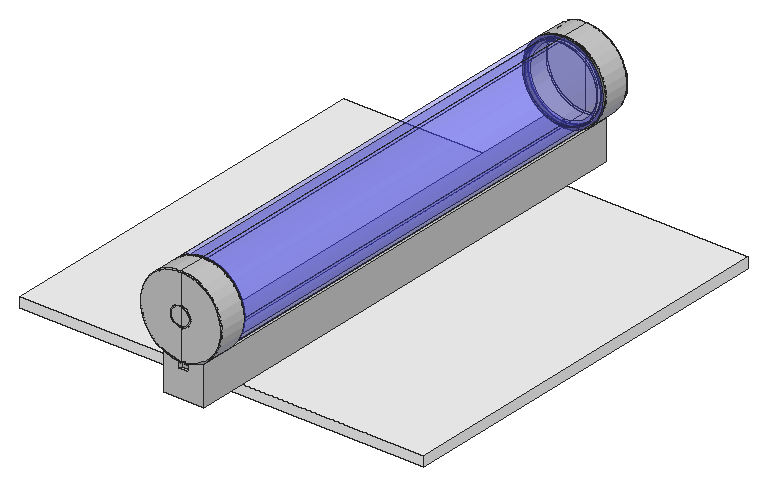
Revit family "BE_24590_de_DE", category Leuchten, Revit 2020
Family settings
  Basisbauteil = Fläche
  Bemaßung runder Anschluss = Durchmesser verwenden
  Teiletyp = Normal
  Beim Laden mit Abzugskörper schneiden = Ja
  Lichtquelle = Ja
  Gemeinsam genutzt = Nein
  Raumberechnungspunkt = Ja
Parameters (values of type "BEGA_24590_Silber_K4")
  built-in parameter 1150104 = 14.056 (stored number, unit not read)
  Wattage = 15.6 W
  Default Elevation = 0 mm
  built-in parameter 1150113 = 1 (stored number, unit not read)
  built-in parameter 1114218 = 1 (stored number, unit not read)
  Umgebungstemperatur = "25 °C"
  URL = "https://www.bega.com/de/produkt/24590"
  Typenkommentare = "© 2022 BEGA. Wir behalten uns das Recht vor, technische Änderungen ohne vorherige Ankündigung vorzunehmen."  # constant formula
  Type Image = 24590.png
  built-in parameter 1150134 = 12
  built-in parameter 1150109 = 1 (stored number, unit not read)
  Strom = ""
  built-in parameter 1150110 = 1 (stored number, unit not read)
  Spannung = 239.996 V
  Sonderanfertigung = no
  Seriennummer [instance] = "Hier können Sie die eindeutige Seriennummer für das Facility Management eintragen."
  Schutzklasse = "I"
  Schutzart = "IP 65"
  Scheinlast = 0 VA
  Produktdatenblatt = "https://cdn.bega.com/bega/products/24590AK4/current/documents/data-sheets/de"
  Oberflächentemperatur = ""
  Neigungswinkel = 0.00°
  Modell = "24590AK4"
  Material_18 = BEGA_Gummi_schwarz
  Material_17 = BEGA_Reflektor
  Material_15 = BEGA_Leuchtmedium_matt
  Material_11 = BEGA_Glas_opal
  Material_09 = BEGA_Glas_klar
  Material_06 = BEGA_Oberfläche_Edelstahl_gebürstet
  Material_03 = BEGA_Oberfläche_Weiss_matt
  Material_02 = BEGA_Oberfläche_Silber_matt
  Material_01 [instance] = BEGA_Oberfläche_Grafit_matt
  M_W = no
  M_G = no
  M_A = yes
  Logo = 0
  built-in parameter 1114217 = 1 (stored number, unit not read)
  built-in parameter 1150139 = (empty or 0)
  built-in parameter 1150105 = 187.83 (stored number, unit not read)
  built-in parameter 1150114 = 1 (stored number, unit not read)
  Lumens = 2360.28 lm
  built-in parameter 1150115 = 1 (stored number, unit not read)
  Leuchtenlichtstrom = "1739 lm"
  Leuchtenanzahl = ""
  Lebensdauerkriterien = "L70B50 @ 25 °C = 145000 h"
  Lastklassifizierung = Beleuchtung
  built-in parameter 1150112 = 1 (stored number, unit not read)
  Lampenlichtstrom = "2980 lm"
  Lampe = "LED 15.2 W"
  LED_Modulbezeichnung = "4x LED-0626/840"
  built-in parameter 1150142 = (empty or 0)
  Hersteller = "BEGA"  # constant formula
  Halbstreuwinkel = ""
  Gewicht = "2.4 kg"
  Gebrauchslageneinschränkung [instance] = ""
  Frequenz = "0/50-60 Hz"
  Farbwiedergabeindex = "CRI > 80"
  Farbtemperaturverschiebung bei Dämpfen der Lampe = <Keine Auswahl>
  Farbtemperatur = "4000 K"
  Color Filter = 16777215
  built-in parameter 1150133 = 10 (stored number, unit not read)
  Energieeffizienzklasse = "LED A++ - A"
  built-in parameter 1150137 = (empty or 0)
  built-in parameter 1150132 = (empty or 0)
  ENEC = "ja"
  Dimmbar [instance] = "DALI"
  Datei für fotometrisches Netz = "BE_24590K4.IES"
  CE_Konformität = "ja"
  Bestellnummer = "24590AK4"
  Beschreibung_Sonderanfertigung = "Hier können Sie Informationen zur Sonderanfertigung eintragen."
  Beschreibung = "Wandleuchte"
  built-in parameter 1150106 = 1.8783 (stored number, unit not read)
  Befestigungsbohrung = "Ø 6 mm"
  Befestigungsabstand = "230 mm"
  Ballwurfsicher = ""
  BEGA_Intern_aus = yes
  BEGA_Intern_an = yes
  BEGA_Intern_Konstruktion = yes
  BEGA_Intern = yes
  BEGA_IES = yes
  BEGA_Dummy = no
  Anschlussleitung = ""
  Anschlussleistung [instance] = "18.6 W"
  Anschlusskasten = ""
  built-in parameter 1150107 = 4000 (stored number, unit not read)
  built-in parameter 1150102 = (empty or 0)
  built-in parameter 1150138 = (empty or 0)
  Aktualisierung = "2022-05-18T04:00:07"
  Abstand_zur_angestrahlten_Fläche [instance] = ""
  AC/DC = "AC/DC"
Types (4, lengths in mm): name | built-in parameter 1150134 | Modell | M_G | M_A | Leuchtenlichtstrom | Lampenlichtstrom | LED_Modulbezeichnung | Farbtemperatur | Datei für fotometrisches Netz | Bestellnummer | built-in parameter 1150107
  BEGA_24590_Grafit_K4 | 12 | "24590K4" | yes | no | "1739 lm" | "2980 lm" | "4x LED-0626/840" | "4000 K" | "BE_24590K4.IES" | "24590K4" | 4000 (stored number, unit not read)
  BEGA_24590_Grafit_K3 | (empty or 0) | "24590K3" | yes | no | "1716 lm" | "2940 lm" | "4x LED-0626/830" | "3000 K" | "BE_24590K3.IES" | "24590K3" | 3000 (stored number, unit not read)
  BEGA_24590_Silber_K4 | 12 | "24590AK4" | no | yes | "1739 lm" | "2980 lm" | "4x LED-0626/840" | "4000 K" | "BE_24590K4.IES" | "24590AK4" | 4000 (stored number, unit not read)
  BEGA_24590_Silber_K3 | (empty or 0) | "24590AK3" | no | yes | "1716 lm" | "2940 lm" | "4x LED-0626/830" | "3000 K" | "BE_24590K3.IES" | "24590AK3" | 3000 (stored number, unit not read)
Reference planes
  plane 1 "Mitte (Vorne/Hinten)": y = 0
  plane 2: z = 0
  plane 3 "Mitte (Links/Rechts)": x = 0
  plane 4 "Links": x = -40.25
  plane 5 "Rechts": x = 40.25
  plane 6 "Unten": y = -251
  plane 7 "Oben": y = 251
  plane 8 "Vorne": z = 115.513
  plane 9 "Hinten": z = 0
Forms (mm)
  Extrusion 1, solid, material "BEGA_Platte_Weiss"
    sketch origin (0, -1119.2, 0) x (1, 0, 0) y (0, 1, 0)
      loop
        line (-200, 1319.2) -> (-200, 919.2) -> (200, 919.2) -> (200, 1319.2) -> (-200, 1319.2)
    from 0 to -10
  Extrusion 2, solid, material "BEGA_Dummy_matt", visible <- "BEGA_Dummy"
    sketch origin (80.095, -76.023, 0) x (1, 0, 0) y (0, 1, 0)
      loop
        line (-120.345, 327.023) -> (-120.345, -174.977) -> (-39.845, -174.977) -> (-39.845, 327.023) -> (-120.345, 327.023)
    from 0 to 115.513
Dimensions and locks
  plane 1 "Mitte (Vorne/Hinten)" to Extrusion 1 = 200 mm
  aligned and locked: plane 2 to Extrusion 1
  aligned and locked: level to Extrusion 1
Nested families
  nested 1: "BE_24590" at (0, 0, 0) x (0, 1, 0) z (0, 0, 1), type "BE_24590"
Connectors
  electrical at (0, 0, 0), driven by "Lastklassifizierung", driven by "Spannung", driven by "Scheinlast"
    settings: index 1, voltage 239.996 V, apparent load 0 VA, apparent load phase1 0 VA, apparent load phase2 0 VA, apparent load phase3 0 VA, power factor 1, load classification "Beleuchtung", number of poles 1, system type 31, power factor state 1, is connector primary yes, connector utility no, sub classification motor no, connector description ""
Definition of nested family "BE_24590"
  Parameters (values of type "BE_24590")
    Default Elevation = 1 mm
    URL = "http://www.bega.de/de/produkt"
    Type Comments = "© 2015 BEGA. Wir behalten uns das Recht vor, technische Änderungen ohne vorherige Ankündigung vorzunehmen. "  # constant formula
    Type Image = (empty or 0)
    Neigungswinkel_um_Z2 = 0.00°
    Neigungswinkel_um_Z1 = 0.00°
    Neigungswinkel_um_Y2 = 0.00°
    Neigungswinkel_um_Y1 = 0.00°
    Neigungswinkel_um_X2 = 0.00°
    Neigungswinkel_um_X1 = 0.00°
    Material_18 = none
    Material_17 = none
    Material_15 = none
    Material_11 = none
    Material_09 = none
    Material_06 = none
    Material_05 = none
    Material_02 = none
    Material_01 = none
    M_W = yes
    M_G = yes
    M_A = yes
    Länge_Platte = 600 mm  # constant formula
    Höhe_Platte = -10 mm  # constant formula
    Manufacturer = "BEGA"  # constant formula
    Drehwinkel_um_Z2 = 0.00°
    Drehwinkel_um_Z1 = 0.00°
    Breite_Platte = 200 mm  # constant formula
  Reference planes
    plane 1 "Mitte (Oben/Unten)": y = 0
    plane 2: z = 0
    plane 3 "Mitte (Links/Rechts)": x = 0
    plane 4: x = -251
    plane 5: x = 251
    plane 6: z = 115.513
    plane 7: y = 40.25
    plane 8: y = -40.25
  Forms (mm)
    Extrusion 1, solid, detail levels medium
      sketch origin (0, 0, 0) x (1, 0, 0) y (0, 1, 0)
        loop
          line (-300, 100) -> (-300, -100) -> (300, -100) -> (300, 100) -> (-300, 100)
      from 0 to -10 <- "Höhe_Platte"
    Extrusion 2, solid, material <- "Material_01", visible <- "M_G", detail levels medium+fine
      sketch origin (0, 0, 0) x (0, 1, 0) y (0, 0, 1)
        loop
          line (20, 37.539) -> (18.186, 39.353)
          arc (18.186, 39.353) -> (0, 35.01) -> (-18.186, 39.353) r 40.25
          line (-18.186, 39.353) -> (-20, 37.539) -> (-20, 0) -> (-17.5, 0) -> (-17.5, 32) -> (17.5, 32) -> (17.5, 0) -> (20, 0) -> (20, 37.539)
      from -247 to 249
    Extrusion 3, void
      sketch origin (0, 0, 0) x (0, 1, 0) y (0, 0, 1)
        loop
          line (5, 25.9) -> (5, 31.6) -> (3, 31.6) -> (3, 40.21) -> (-3, 40.21) -> (-3, 31.6) -> (-5, 31.6) -> (-5, 25.9) -> (5, 25.9)
      from -248.561 to -233.848
    Extrusion 4, solid, material <- "Material_01", visible <- "M_G", detail levels medium+fine
      sketch origin (0, 0, 0) x (0, 1, 0) y (0, 0, 1)
        loop
          line (17.5, 0) -> (17.5, 32) -> (-17.5, 32) -> (-17.5, 0) -> (17.5, 0)
      from -247 to -244
    Extrusion 5, solid, material <- "Material_01", visible <- "M_G", detail levels medium+fine
      sketch origin (0, 0, 0) x (0, 1, 0) y (0, 0, -1)
        loop
          line (17.5, 0) -> (-17.5, 0) -> (-17.5, -32) -> (17.5, -32) -> (17.5, 0)
      from -249 to -246
    Revolve 6, solid, material <- "Material_01", visible <- "M_G", detail levels medium+fine
      sketch origin (0, 0, 0) x (1, 0, 0) y (0, 0, 1)
        loop
          line (250.5, 115.51) -> (223.8, 115.51) -> (225.099, 113.26) -> (247.002, 113.26)
          arc (247.002, 113.26) -> (247.824, 113.084) -> (248.5, 112.586) r 2
          line (248.5, 112.586) -> (248.5, 75.26) -> (251, 75.26) -> (251, 115.01)
          arc (251, 115.01) -> (250.854, 115.364) -> (250.5, 115.51) r 0.5
        axis (223.8, 75.26) -> (251, 75.26)
      angle from 0 to 360
    Revolve 7, solid, material <- "Material_18", detail levels medium+fine
      sketch origin (0, 0, 0) x (1, 0, 0) y (0, 0, 1)
        loop
          line (223.829, 115.46) -> (221.985, 115.46) -> (221.985, 113.043) -> (225.225, 113.043) -> (223.829, 115.46)
        axis (221.985, 75.26) -> (225.225, 75.26)
      angle from 0 to 360
    Revolve 8, solid, material <- "Material_18", detail levels medium+fine
      sketch origin (-0.044, 0, 0) x (-1, 0, 0) y (0, 0, -1)
        loop
          line (223.829, -115.46) -> (225.225, -113.043) -> (221.985, -113.043) -> (221.985, -115.46) -> (223.829, -115.46)
        axis (221.985, -75.26) -> (225.225, -75.26)
      angle from 0 to 360
    Revolve 9, solid, material <- "Material_01", visible <- "M_G", detail levels medium+fine
      sketch origin (0, 0, 0) x (-1, 0, 0) y (0, 0, -1)
        loop
          arc (250.5, -115.51) -> (250.854, -115.364) -> (251, -115.01) r 0.5
          line (251, -115.01) -> (251, -75.26) -> (243, -75.26) -> (242.953, -112.593) -> (225.099, -112.593) -> (223.8, -115.51) -> (250.5, -115.51)
        axis (223.8, -75.26) -> (251, -75.26)
      angle from 0 to 360
    Extrusion 10, void
      sketch origin (0, 0, 0) x (1, 0, 0) y (0, 1, 0)
        loop
          arc (76, -3) -> (79, 0) -> (76, 3) r 3
          line (76, 3) -> (66.61, 3)
          arc (66.61, 3) -> (56.5, 0) -> (66.61, -3) r 5.5
          line (66.61, -3) -> (76, -3)
        loop
          arc (-154, -3) -> (-151, 0) -> (-154, 3) r 3
          line (-154, 3) -> (-163.39, 3)
          arc (-163.39, 3) -> (-173.5, 0) -> (-163.39, -3) r 5.5
          line (-163.39, -3) -> (-154, -3)
      from 0 to 6.51
    Extrusion 11, solid, material <- "Material_01", visible <- "M_G", detail levels medium+fine
      sketch origin (0, 0, 0) x (1, 0, 0) y (0, 0, 1)
        loop
          line (-179, 3) -> (-179, 0) -> (-145, 0) -> (-145, 3) -> (-179, 3)
        loop
          line (51, 3) -> (51, 0) -> (85, 0) -> (85, 3) -> (51, 3)
      from -17.994 to 18.5
    Revolve 12, solid, material <- "Material_06", detail levels fine
      sketch origin (0, 0, 0) x (1, 0, 0) y (0, 0, 1)
        loop
          line (-241.25, 42.072) -> (-241.25, 32.322) -> (-242.75, 32.322)
          arc (-242.75, 32.322) -> (-243.104, 32.176) -> (-243.25, 31.822) r 0.5
          line (-243.25, 31.822) -> (-243.25, 29.322)
          arc (-243.25, 29.322) -> (-243.104, 28.969) -> (-242.75, 28.822) r 0.5
          line (-242.75, 28.822) -> (-239, 28.822) -> (-239, 42.072) -> (-241.25, 42.072)
        axis (-239, 28.822) -> (-239, 42.072)
      angle from 0 to 360
    Revolve 13, solid, material <- "Material_11", detail levels medium+fine
      sketch origin (0, 0, 0) x (1, 0, 0) y (0, 0, 1)
        loop
          line (221.985, 115.26) -> (-222.029, 115.26) -> (-222.029, 113.26)
          arc (-222.029, 113.26) -> (-222.498, 112.068) -> (-223.654, 111.515) r 1.75
          line (-223.654, 111.515) -> (-223.654, 108.512)
          arc (-223.654, 108.512) -> (-221.029, 109.387) -> (-219.337, 111.577) r 4.75
          arc (-219.337, 111.577) -> (-218.973, 112.071) -> (-218.389, 112.26) r 1
          line (-218.389, 112.26) -> (218.33, 112.26)
          arc (218.33, 112.26) -> (218.901, 112.081) -> (219.267, 111.608) r 1
          arc (219.267, 111.608) -> (220.957, 109.397) -> (223.596, 108.512) r 4.75
          line (223.596, 108.512) -> (223.596, 111.515)
          arc (223.596, 111.515) -> (222.517, 111.99) -> (221.985, 113.043) r 1.75
          line (221.985, 113.043) -> (221.985, 115.26)
        axis (-223.654, 75.26) -> (223.596, 75.26)
      angle from 0 to 360
    Revolve 14, void
      sketch origin (0, 0, 0) x (1, 0, 0) y (0, 0, 1)
        loop
          line (-251.998, 85.26) -> (-251.998, 75.26) -> (-248.25, 75.26) -> (-248.25, 85.26) -> (-251.998, 85.26)
        axis (-251.998, 75.26) -> (-248.25, 75.26)
      angle from 0 to 360
    Revolve 15, solid, material <- "Material_06", detail levels fine
      sketch origin (0, 0, 0) x (1, 0, 0) y (0, 0, 1)
        loop
          line (-250.25, 85.01) -> (-251.25, 84.01) -> (-251.25, 75.26) -> (-248.25, 75.26) -> (-248.25, 85.01) -> (-250.25, 85.01)
        axis (-248.25, 75.26) -> (-251.25, 75.26)
      angle from 0 to 360
    Extrusion 16, solid, material <- "Material_02", visible <- "M_A", detail levels medium+fine
      sketch origin (0, 0, 0) x (0, 1, 0) y (0, 0, 1)
        loop
          line (20, 37.539) -> (18.186, 39.353)
          arc (18.186, 39.353) -> (0, 35.01) -> (-18.186, 39.353) r 40.25
          line (-18.186, 39.353) -> (-20, 37.539) -> (-20, 0) -> (-17.5, 0) -> (-17.5, 32) -> (17.5, 32) -> (17.5, 0) -> (20, 0) -> (20, 37.539)
      from -247 to 249
    Extrusion 17, solid, material <- "Material_02", visible <- "M_A", detail levels medium+fine
      sketch origin (0, 0, 0) x (0, 1, 0) y (0, 0, 1)
        loop
          line (17.5, 0) -> (17.5, 32) -> (-17.5, 32) -> (-17.5, 0) -> (17.5, 0)
      from -247 to -244
    Extrusion 18, solid, material <- "Material_02", visible <- "M_A", detail levels medium+fine
      sketch origin (0, 0, 0) x (0, 1, 0) y (0, 0, -1)
        loop
          line (17.5, 0) -> (-17.5, 0) -> (-17.5, -32) -> (17.5, -32) -> (17.5, 0)
      from -249 to -246
    Revolve 19, solid, material <- "Material_02", visible <- "M_A", detail levels medium+fine
      sketch origin (0, 0, 0) x (1, 0, 0) y (0, 0, 1)
        loop
          line (250.5, 115.51) -> (223.8, 115.51) -> (225.099, 113.26) -> (247.002, 113.26)
          arc (247.002, 113.26) -> (247.824, 113.084) -> (248.5, 112.586) r 2
          line (248.5, 112.586) -> (248.5, 75.26) -> (251, 75.26) -> (251, 115.01)
          arc (251, 115.01) -> (250.854, 115.364) -> (250.5, 115.51) r 0.5
        axis (223.8, 75.26) -> (251, 75.26)
      angle from 0 to 360
    Revolve 20, solid, material <- "Material_02", visible <- "M_A", detail levels medium+fine
      sketch origin (0, 0, 0) x (-1, 0, 0) y (0, 0, -1)
        loop
          arc (250.5, -115.51) -> (250.854, -115.364) -> (251, -115.01) r 0.5
          line (251, -115.01) -> (251, -75.26) -> (243, -75.26) -> (242.953, -112.593) -> (225.099, -112.593) -> (223.8, -115.51) -> (250.5, -115.51)
        axis (223.8, -75.26) -> (251, -75.26)
      angle from 0 to 360
    Extrusion 21, solid, material <- "Material_02", visible <- "M_A", detail levels medium+fine
      sketch origin (0, 0, 0) x (1, 0, 0) y (0, 0, 1)
        loop
          line (-179, 3) -> (-179, 0) -> (-145, 0) -> (-145, 3) -> (-179, 3)
        loop
          line (51, 3) -> (51, 0) -> (85, 0) -> (85, 3) -> (51, 3)
      from -17.994 to 18.5
  Cuts and joins
    Extrusion 3, Extrusion 10 cuts Extrusion 2
    Extrusion 3, Extrusion 10 cuts Extrusion 4
    Extrusion 10 cuts Extrusion 5
    Extrusion 10 cuts Extrusion 11
    joined: Extrusion 2, Extrusion 4, Extrusion 5, Extrusion 11
    Revolve 14 cuts Revolve 9
    Revolve 14 cuts Revolve 20
    Extrusion 3 cuts Extrusion 16
    Extrusion 3 cuts Extrusion 17
    Extrusion 3 cuts Extrusion 18
    Extrusion 3, Extrusion 10 cuts Extrusion 21
    joined: Extrusion 16, Extrusion 17, Extrusion 18, Extrusion 21
  Dimensions and locks
    equal spacing: Extrusion 1 sketch curve, plane 3 "Mitte (Links/Rechts)", Extrusion 1 sketch curve
    equal spacing: Extrusion 1 sketch curve, plane 1 "Mitte (Oben/Unten)", Extrusion 1 sketch curve
    "Länge_Platte": Extrusion 1 sketch curve to Extrusion 1 sketch curve
    "Breite_Platte": Extrusion 1 sketch curve to Extrusion 1 sketch curve
    level to Extrusion 4 = 32 mm
    aligned and locked: Extrusion 1 to plane 2
    aligned and locked: level to Extrusion 1
  Automatic sketch dimensions
    Extrusion 2 sketch curve to level = 0 mm  (x2)
    Extrusion 2 sketch curve to plane 1 "Mitte (Oben/Unten)" = 0 mm
    plane 1 "Mitte (Oben/Unten)" to Extrusion 2 sketch curve = 17.5 mm
    Extrusion 2 sketch curve to Extrusion 2 sketch curve = 0.686 mm  (x2)
    Extrusion 2 sketch curve to Extrusion 2 sketch curve = 1.814 mm  (x2)
    Extrusion 2 sketch curve to plane 1 "Mitte (Oben/Unten)" = 17.5 mm
    Extrusion 2 sketch curve to Extrusion 2 sketch curve = 2.5 mm
    Extrusion 2 sketch curve to Extrusion 2 sketch curve = 32 mm
    Extrusion 2 sketch curve to Extrusion 2 sketch curve = 5.539 mm  (x2)
    Extrusion 2 sketch curve to Extrusion 2 sketch curve = 35.907 mm
    plane 1 "Mitte (Oben/Unten)" to Extrusion 3 sketch curve = 5 mm
    Extrusion 3 sketch curve to Extrusion 3 sketch curve = 2 mm  (x2)
    Extrusion 3 sketch curve to plane 1 "Mitte (Oben/Unten)" = 3 mm
    level to Extrusion 3 sketch curve = 25.9 mm
    Extrusion 3 sketch curve to Extrusion 3 sketch curve = 5.7 mm
    Extrusion 3 sketch curve to Extrusion 3 sketch curve = 0 mm
    Extrusion 3 sketch curve to Extrusion 3 sketch curve = 8.61 mm
    Extrusion 4 sketch curve to level = 0 mm
    plane 1 "Mitte (Oben/Unten)" to Extrusion 4 sketch curve = 17.5 mm
    Extrusion 4 sketch curve to plane 1 "Mitte (Oben/Unten)" = 17.5 mm
    Extrusion 4 sketch curve to Extrusion 4 sketch curve = 32 mm
    Extrusion 5 sketch curve to level = 0 mm
    plane 1 "Mitte (Oben/Unten)" to Extrusion 5 sketch curve = 17.5 mm
    Extrusion 5 sketch curve to plane 1 "Mitte (Oben/Unten)" = 17.5 mm
    level to Extrusion 5 sketch curve = 32 mm
    Revolve 6 sketch curve to Revolve 6 sketch curve = 1.299 mm
    Revolve 6 sketch curve to Revolve 6 sketch curve = 21.903 mm
    Revolve 6 sketch curve to Revolve 6 sketch curve = 1.498 mm
    Revolve 6 sketch curve to Revolve 6 sketch curve = 2 mm
    Revolve 6 sketch curve to Revolve 6 sketch curve = 2.5 mm
    level to Revolve 6 sketch curve = 75.26 mm
    Revolve 6 sketch curve to Revolve 6 sketch curve = 36 mm
    Revolve 6 sketch curve to Revolve 6 sketch curve = 1.326 mm
    Revolve 6 sketch curve to Revolve 6 sketch curve = 2.424 mm
    Revolve 6 sketch curve to Revolve 6 sketch curve = 0 mm  (x3)
    Revolve 7 sketch curve to Revolve 7 sketch curve = 1.844 mm
    Revolve 7 sketch curve to Revolve 7 sketch curve = 1.396 mm
    Revolve 7 sketch curve to Revolve 7 sketch curve = 2.418 mm
    Revolve 7 sketch curve to Revolve 7 sketch curve = 25.775 mm
    Revolve 7 sketch curve to Revolve 7 sketch curve = 8.624 mm
    Revolve 7 sketch curve to Revolve 7 sketch curve = 37.783 mm
    Revolve 8 sketch curve to Revolve 8 sketch curve = 1.844 mm
    Revolve 8 sketch curve to Revolve 8 sketch curve = 1.396 mm
    Revolve 8 sketch curve to Revolve 8 sketch curve = 2.418 mm
    Revolve 8 sketch curve to Revolve 8 sketch curve = 25.775 mm
    Revolve 8 sketch curve to Revolve 8 sketch curve = 8.624 mm
    Revolve 8 sketch curve to Revolve 8 sketch curve = 37.783 mm
    Extrusion 11 sketch curve to level = 0 mm  (x2)
    Extrusion 11 sketch curve to Extrusion 11 sketch curve = 34 mm  (x2)
    level to Extrusion 11 sketch curve = 3 mm  (x2)
    plane 3 "Mitte (Links/Rechts)" to Extrusion 11 sketch curve = 51 mm
    plane 1 "Mitte (Oben/Unten)" to Extrusion 10 sketch curve = 0 mm  (x4)
    Extrusion 10 sketch curve to Extrusion 10 sketch curve = 4.61 mm  (x2)
    plane 1 "Mitte (Oben/Unten)" to Extrusion 10 sketch curve = 3 mm
    Extrusion 10 sketch curve to Extrusion 10 sketch curve = 9.39 mm  (x2)
    plane 3 "Mitte (Links/Rechts)" to Extrusion 10 sketch curve = 62 mm
    Extrusion 10 sketch curve to plane 1 "Mitte (Oben/Unten)" = 3 mm
    Revolve 12 sketch curve to Revolve 12 sketch curve = 0.5 mm  (x2)
    Revolve 12 sketch curve to Revolve 12 sketch curve = 1.5 mm
    Revolve 12 sketch curve to Revolve 12 sketch curve = 2.25 mm
    level to Revolve 12 sketch curve = 28.822 mm
    Revolve 12 sketch curve to Revolve 12 sketch curve = 2.5 mm
    Revolve 12 sketch curve to Revolve 12 sketch curve = 9.75 mm
    Revolve 12 sketch curve to Revolve 12 sketch curve = 0 mm  (x3)
    Revolve 13 sketch curve to Revolve 13 sketch curve = 0 mm  (x8)
    Revolve 13 sketch curve to Revolve 13 sketch curve = 0.125 mm  (x2)
    Revolve 13 sketch curve to Revolve 13 sketch curve = 1.75 mm
    Revolve 13 sketch curve to Revolve 13 sketch curve = 3.64 mm
    Revolve 13 sketch curve to Revolve 13 sketch curve = 3.655 mm
    Revolve 13 sketch curve to Revolve 13 sketch curve = 1.611 mm
    Revolve 13 sketch curve to Revolve 13 sketch curve = 2.748 mm  (x2)
    Revolve 13 sketch curve to Revolve 13 sketch curve = 3.003 mm  (x2)
    Revolve 13 sketch curve to Revolve 13 sketch curve = 1 mm
    Revolve 13 sketch curve to Revolve 13 sketch curve = 1.528 mm
    Revolve 13 sketch curve to Revolve 13 sketch curve = 1.746 mm
    Revolve 13 sketch curve to Revolve 13 sketch curve = 2 mm
    Revolve 13 sketch curve to Revolve 13 sketch curve = 0.938 mm
    Revolve 13 sketch curve to Revolve 13 sketch curve = 27.404 mm
    Revolve 13 sketch curve to Revolve 13 sketch curve = 16.142 mm
    Revolve 13 sketch curve to Revolve 13 sketch curve = 33.252 mm
    Revolve 14 sketch curve to Revolve 14 sketch curve = 3.748 mm
    level to Revolve 14 sketch curve = 75.26 mm
    Revolve 14 sketch curve to Revolve 14 sketch curve = 10 mm
    Revolve 14 sketch curve to Revolve 14 sketch curve = 0 mm  (x3)
    Revolve 9 sketch curve to Revolve 9 sketch curve = 1.299 mm
    Revolve 9 sketch curve to Revolve 9 sketch curve = 17.854 mm
    Revolve 9 sketch curve to Revolve 9 sketch curve = 8 mm
    Revolve 9 sketch curve to Revolve 9 sketch curve = 2.917 mm
    Revolve 9 sketch curve to Revolve 9 sketch curve = 0.007 mm
    Revolve 9 sketch curve to Revolve 9 sketch curve = 2.5 mm
    Revolve 9 sketch curve to Revolve 9 sketch curve = 0 mm  (x2)
    Revolve 9 sketch curve to Revolve 9 sketch curve = 0.047 mm
    Revolve 9 sketch curve to Revolve 9 sketch curve = 0.5 mm
    Revolve 9 sketch curve to Revolve 9 sketch curve = 37.326 mm
    Revolve 15 sketch curve to Revolve 15 sketch curve = 1 mm  (x2)
    Revolve 15 sketch curve to Revolve 15 sketch curve = 3 mm
    level to Revolve 15 sketch curve = 75.26 mm
    Revolve 15 sketch curve to Revolve 15 sketch curve = 8.75 mm
    Revolve 15 sketch curve to Revolve 15 sketch curve = 0 mm  (x3)
    Revolve 8 sketch curve to plane 3 "Mitte (Links/Rechts)" = 222.029 mm
    Revolve 9 sketch curve to plane 3 "Mitte (Links/Rechts)" = 223.8 mm
    Extrusion 10 sketch curve to plane 3 "Mitte (Links/Rechts)" = 154 mm
    Extrusion 11 sketch curve to plane 3 "Mitte (Links/Rechts)" = 145 mm
    Revolve 12 sketch curve to plane 3 "Mitte (Links/Rechts)" = 243.25 mm
    Revolve 13 sketch curve to plane 3 "Mitte (Links/Rechts)" = 218.389 mm
    Revolve 14 sketch curve to plane 3 "Mitte (Links/Rechts)" = 251.998 mm
    Revolve 15 sketch curve to plane 3 "Mitte (Links/Rechts)" = 251.25 mm
    plane 3 "Mitte (Links/Rechts)" to Revolve 6 sketch curve = 223.8 mm
    plane 3 "Mitte (Links/Rechts)" to Revolve 7 sketch curve = 221.985 mm
    plane 3 "Mitte (Links/Rechts)" to Revolve 13 sketch curve = 218.33 mm
    Revolve 7 sketch curve to plane 6 = 2.47 mm
    Revolve 8 sketch curve to plane 6 = 0.053 mm
    Revolve 9 sketch curve to plane 6 = 0.003 mm
    Revolve 13 sketch curve to plane 6 = 7.001 mm
    Revolve 13 sketch curve to Revolve 13 sketch curve = 3.748 mm
    Extrusion 16 sketch curve to level = 0 mm  (x2)
    Extrusion 16 sketch curve to plane 1 "Mitte (Oben/Unten)" = 0 mm
    plane 1 "Mitte (Oben/Unten)" to Extrusion 16 sketch curve = 17.5 mm
    Extrusion 16 sketch curve to Extrusion 16 sketch curve = 0.686 mm  (x2)
    Extrusion 16 sketch curve to Extrusion 16 sketch curve = 1.814 mm  (x2)
    Extrusion 16 sketch curve to plane 1 "Mitte (Oben/Unten)" = 17.5 mm
    Extrusion 16 sketch curve to Extrusion 16 sketch curve = 2.5 mm
    Extrusion 16 sketch curve to Extrusion 16 sketch curve = 32 mm
    Extrusion 16 sketch curve to Extrusion 16 sketch curve = 5.539 mm  (x2)
    Extrusion 16 sketch curve to Extrusion 16 sketch curve = 35.907 mm
    Extrusion 17 sketch curve to level = 0 mm
    plane 1 "Mitte (Oben/Unten)" to Extrusion 17 sketch curve = 17.5 mm
    Extrusion 17 sketch curve to plane 1 "Mitte (Oben/Unten)" = 17.5 mm
    Extrusion 17 sketch curve to Extrusion 17 sketch curve = 32 mm
    Extrusion 18 sketch curve to level = 0 mm
    plane 1 "Mitte (Oben/Unten)" to Extrusion 18 sketch curve = 17.5 mm
    Extrusion 18 sketch curve to plane 1 "Mitte (Oben/Unten)" = 17.5 mm
    level to Extrusion 18 sketch curve = 32 mm
    Revolve 19 sketch curve to plane 5 = 0 mm  (x2)
    Revolve 19 sketch curve to plane 6 = 0.003 mm
    Revolve 19 sketch curve to plane 5 = 0.5 mm
    Revolve 19 sketch curve to plane 5 = 2.5 mm
    Revolve 19 sketch curve to Revolve 19 sketch curve = 1.498 mm
    Revolve 19 sketch curve to plane 6 = 2.253 mm
    Revolve 19 sketch curve to Revolve 19 sketch curve = 21.903 mm
    Revolve 19 sketch curve to Revolve 19 sketch curve = 1.299 mm
    Revolve 19 sketch curve to Revolve 19 sketch curve = 0.674 mm
    Revolve 19 sketch curve to Revolve 19 sketch curve = 36 mm
    Revolve 19 sketch curve to Revolve 19 sketch curve = 0 mm  (x2)
    Revolve 20 sketch curve to plane 4 = 0 mm  (x2)
    Revolve 20 sketch curve to plane 6 = 0.003 mm
    plane 4 to Revolve 20 sketch curve = 0.5 mm
    plane 4 to Revolve 20 sketch curve = 8 mm
    Revolve 20 sketch curve to plane 6 = 2.92 mm
    Revolve 20 sketch curve to Revolve 20 sketch curve = 17.901 mm
    Revolve 20 sketch curve to Revolve 20 sketch curve = 1.299 mm
    Revolve 20 sketch curve to Revolve 20 sketch curve = 37.333 mm
    plane 4 to Revolve 20 sketch curve = 2.5 mm
    Revolve 20 sketch curve to Revolve 20 sketch curve = 0.047 mm
    Revolve 20 sketch curve to Revolve 20 sketch curve = 0.007 mm
    Revolve 20 sketch curve to Revolve 20 sketch curve = 0 mm
    Extrusion 21 sketch curve to level = 0 mm  (x2)
    plane 4 to Extrusion 21 sketch curve = 72 mm
    Extrusion 21 sketch curve to Extrusion 21 sketch curve = 34 mm  (x2)
    level to Extrusion 21 sketch curve = 3 mm
    plane 3 "Mitte (Links/Rechts)" to Extrusion 21 sketch curve = 51 mm
    Extrusion 21 sketch curve to Extrusion 21 sketch curve = 3 mm
